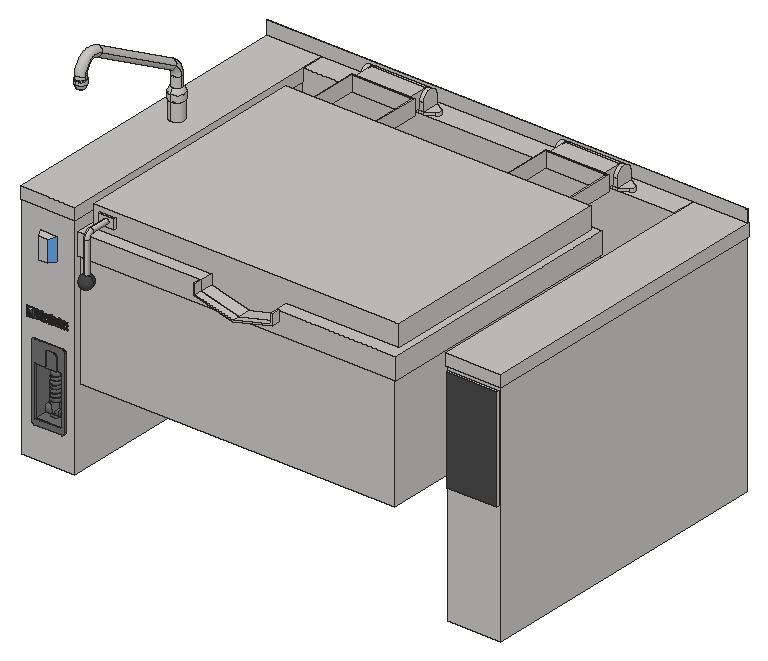
Revit family "QF_ELECTROLUXPROFESSIONAL_586954_PFET08ELES", category Specialty Equipment, Revit 2018 (continued)
Automatic sketch dimensions
  Extrusion 34 sketch curve to Extrusion 34 sketch curve = 0.298 mm
  Extrusion 34 sketch curve to Extrusion 34 sketch curve = 0.247 mm
  Extrusion 34 sketch curve to Extrusion 34 sketch curve = 0.084 mm
  Extrusion 34 sketch curve to Extrusion 34 sketch curve = 6.484 mm
  Extrusion 34 sketch curve to Extrusion 34 sketch curve = 2.596 mm
  Extrusion 34 sketch curve to Extrusion 34 sketch curve = 0.059 mm  (x2)
  Extrusion 34 sketch curve to Extrusion 34 sketch curve = 3.889 mm
  Extrusion 34 sketch curve to Extrusion 34 sketch curve = 6.029 mm
  Extrusion 34 sketch curve to Extrusion 34 sketch curve = 0.929 mm
  Extrusion 34 sketch curve to Extrusion 34 sketch curve = 1.102 mm
  Extrusion 34 sketch curve to Extrusion 34 sketch curve = 0.756 mm  (x2)
  Extrusion 34 sketch curve to Extrusion 34 sketch curve = 0.852 mm
  Extrusion 34 sketch curve to Extrusion 34 sketch curve = 0.108 mm
  Extrusion 34 sketch curve to Extrusion 34 sketch curve = 0.101 mm
  Extrusion 34 sketch curve to Extrusion 34 sketch curve = 0.072 mm
  Extrusion 34 sketch curve to Extrusion 34 sketch curve = 1.67 mm
  Extrusion 34 sketch curve to Extrusion 34 sketch curve = 1.834 mm
  Extrusion 34 sketch curve to Extrusion 34 sketch curve = 0.366 mm
  Extrusion 34 sketch curve to Extrusion 34 sketch curve = 0.993 mm
  Extrusion 34 sketch curve to Extrusion 34 sketch curve = 0.81 mm
  Extrusion 34 sketch curve to Extrusion 34 sketch curve = 1.026 mm  (x2)
  Extrusion 34 sketch curve to Extrusion 34 sketch curve = 4.272 mm
  Extrusion 34 sketch curve to Extrusion 34 sketch curve = 0.163 mm
  Extrusion 34 sketch curve to Extrusion 34 sketch curve = 0.551 mm
  Extrusion 34 sketch curve to Extrusion 34 sketch curve = 6.11 mm
  Extrusion 34 sketch curve to Extrusion 34 sketch curve = 1.451 mm
  Extrusion 34 sketch curve to Extrusion 34 sketch curve = 5.217 mm
  Extrusion 34 sketch curve to Extrusion 34 sketch curve = 0.045 mm  (x2)
  Extrusion 34 sketch curve to Extrusion 34 sketch curve = 0.241 mm
  Extrusion 34 sketch curve to Extrusion 34 sketch curve = 0.039 mm
  Extrusion 34 sketch curve to Extrusion 34 sketch curve = 1.134 mm
  Extrusion 34 sketch curve to Extrusion 34 sketch curve = 2.351 mm
  Extrusion 34 sketch curve to Extrusion 34 sketch curve = 3.993 mm
  Extrusion 34 sketch curve to Extrusion 34 sketch curve = 10.128 mm
  Extrusion 34 sketch curve to Extrusion 34 sketch curve = 0.956 mm
  Extrusion 34 sketch curve to Extrusion 34 sketch curve = 1.263 mm
  Extrusion 34 sketch curve to Extrusion 34 sketch curve = 2.577 mm
  Extrusion 34 sketch curve to Extrusion 34 sketch curve = 0.243 mm
  Extrusion 34 sketch curve to Extrusion 34 sketch curve = 0.031 mm
  Extrusion 34 sketch curve to Extrusion 34 sketch curve = 7.148 mm
  Extrusion 34 sketch curve to Extrusion 34 sketch curve = 1.502 mm
  Extrusion 34 sketch curve to Extrusion 34 sketch curve = 11.54 mm
  Extrusion 34 sketch curve to Extrusion 34 sketch curve = 11.758 mm
  Extrusion 34 sketch curve to Extrusion 34 sketch curve = 4.097 mm
  Extrusion 34 sketch curve to Extrusion 34 sketch curve = 0.011 mm
  Extrusion 34 sketch curve to Extrusion 34 sketch curve = 4.488 mm
  Extrusion 34 sketch curve to plane 6 "TOP" = 305.278 mm
  Extrusion 34 sketch curve to Extrusion 34 sketch curve = 1.276 mm
  Extrusion 34 sketch curve to Extrusion 34 sketch curve = 1.279 mm
  Extrusion 34 sketch curve to Extrusion 34 sketch curve = 0.08 mm
  Extrusion 34 sketch curve to Extrusion 34 sketch curve = 1.542 mm  (x3)
  Extrusion 34 sketch curve to Extrusion 34 sketch curve = 1.975 mm
  Extrusion 34 sketch curve to Extrusion 34 sketch curve = 2.212 mm
  Extrusion 34 sketch curve to Extrusion 34 sketch curve = 3.655 mm
  Extrusion 34 sketch curve to Extrusion 34 sketch curve = 3.779 mm
  Extrusion 34 sketch curve to Extrusion 34 sketch curve = 0.124 mm  (x2)
  Extrusion 34 sketch curve to Extrusion 34 sketch curve = 3.78 mm  (x2)
  Extrusion 34 sketch curve to Extrusion 34 sketch curve = 1.401 mm
  Extrusion 34 sketch curve to Extrusion 34 sketch curve = 1.424 mm
  Extrusion 34 sketch curve to Extrusion 34 sketch curve = 3.23 mm
  Extrusion 34 sketch curve to Extrusion 34 sketch curve = 2.137 mm
  Extrusion 34 sketch curve to Extrusion 34 sketch curve = 1.094 mm
  Extrusion 34 sketch curve to Extrusion 34 sketch curve = 2.932 mm
  Extrusion 34 sketch curve to Extrusion 34 sketch curve = 7.641 mm
  Extrusion 34 sketch curve to Extrusion 34 sketch curve = 2.218 mm
  Extrusion 34 sketch curve to Extrusion 34 sketch curve = 0.113 mm
  Extrusion 34 sketch curve to Extrusion 34 sketch curve = 0.36 mm
  Extrusion 34 sketch curve to Extrusion 34 sketch curve = 0.008 mm
  Extrusion 34 sketch curve to Extrusion 34 sketch curve = 1.652 mm
  Extrusion 34 sketch curve to Extrusion 34 sketch curve = 0.256 mm
  Extrusion 34 sketch curve to Extrusion 34 sketch curve = 1.705 mm
  Extrusion 34 sketch curve to Extrusion 34 sketch curve = 1.454 mm
  Extrusion 34 sketch curve to Extrusion 34 sketch curve = 0.095 mm
  Extrusion 34 sketch curve to Extrusion 34 sketch curve = 0.109 mm
  Extrusion 34 sketch curve to Extrusion 34 sketch curve = 1.893 mm
  Extrusion 34 sketch curve to Extrusion 34 sketch curve = 0.003 mm
  Extrusion 34 sketch curve to Extrusion 34 sketch curve = 2.803 mm
  Extrusion 34 sketch curve to Extrusion 34 sketch curve = 0.12 mm  (x3)
  Extrusion 34 sketch curve to Extrusion 34 sketch curve = 0.02 mm
  Extrusion 34 sketch curve to Extrusion 34 sketch curve = 0.188 mm
  Extrusion 34 sketch curve to Extrusion 34 sketch curve = 0.568 mm
  Extrusion 34 sketch curve to Extrusion 34 sketch curve = 0.707 mm
  Extrusion 34 sketch curve to Extrusion 34 sketch curve = 1.654 mm
  Extrusion 34 sketch curve to Extrusion 34 sketch curve = 3.379 mm
  Extrusion 34 sketch curve to Extrusion 34 sketch curve = 0.174 mm
  Extrusion 34 sketch curve to Extrusion 34 sketch curve = 0.146 mm  (x2)
  Extrusion 34 sketch curve to Extrusion 34 sketch curve = 5.763 mm
  Extrusion 34 sketch curve to Extrusion 34 sketch curve = 1.953 mm
  Extrusion 34 sketch curve to Extrusion 34 sketch curve = 0.099 mm
  Extrusion 34 sketch curve to Extrusion 34 sketch curve = 0.19 mm
  Extrusion 34 sketch curve to Extrusion 34 sketch curve = 0.196 mm
  Extrusion 34 sketch curve to Extrusion 34 sketch curve = 0.05 mm
  Extrusion 34 sketch curve to Extrusion 34 sketch curve = 0.239 mm
  Extrusion 34 sketch curve to Extrusion 34 sketch curve = 1.763 mm
  Extrusion 34 sketch curve to Extrusion 34 sketch curve = 1.754 mm
  Extrusion 34 sketch curve to Extrusion 34 sketch curve = 1.442 mm
  Extrusion 34 sketch curve to Extrusion 34 sketch curve = 0.282 mm
  Extrusion 34 sketch curve to Extrusion 34 sketch curve = 1.607 mm
  Extrusion 34 sketch curve to Extrusion 34 sketch curve = 2.197 mm
  Extrusion 34 sketch curve to Extrusion 34 sketch curve = 3.917 mm
  Extrusion 34 sketch curve to Extrusion 34 sketch curve = 3.479 mm
  Extrusion 34 sketch curve to Extrusion 34 sketch curve = 4.017 mm
  Extrusion 34 sketch curve to Extrusion 34 sketch curve = 0.006 mm
  Extrusion 34 sketch curve to Extrusion 34 sketch curve = 5.661 mm  (x3)
  Extrusion 34 sketch curve to Extrusion 34 sketch curve = 5.657 mm  (x2)
  Extrusion 34 sketch curve to Extrusion 34 sketch curve = 7.186 mm
  Extrusion 34 sketch curve to Extrusion 34 sketch curve = 0.598 mm
  Extrusion 34 sketch curve to Extrusion 34 sketch curve = 6.253 mm
  Extrusion 34 sketch curve to Extrusion 34 sketch curve = 0.891 mm
  Extrusion 34 sketch curve to Extrusion 34 sketch curve = 0.954 mm  (x2)
  Extrusion 34 sketch curve to Extrusion 34 sketch curve = 1.017 mm
  Extrusion 34 sketch curve to Extrusion 34 sketch curve = 0.624 mm  (x2)
  Extrusion 34 sketch curve to Extrusion 34 sketch curve = 0.016 mm  (x2)
  Extrusion 34 sketch curve to Extrusion 34 sketch curve = 0.709 mm  (x2)
  Extrusion 34 sketch curve to Extrusion 34 sketch curve = 0.602 mm
  Extrusion 34 sketch curve to Extrusion 34 sketch curve = 0.607 mm
  Extrusion 34 sketch curve to Extrusion 34 sketch curve = 0.372 mm  (x2)
  Extrusion 34 sketch curve to Extrusion 34 sketch curve = 1.696 mm
  Extrusion 34 sketch curve to Extrusion 34 sketch curve = 1.752 mm
  Extrusion 34 sketch curve to Extrusion 34 sketch curve = 0.182 mm  (x2)
  Extrusion 34 sketch curve to Extrusion 34 sketch curve = 0.93 mm
  Extrusion 34 sketch curve to Extrusion 34 sketch curve = 0.155 mm  (x2)
  Extrusion 34 sketch curve to Extrusion 34 sketch curve = 0.996 mm
  Extrusion 34 sketch curve to Extrusion 34 sketch curve = 0.297 mm  (x2)
  Extrusion 34 sketch curve to Extrusion 34 sketch curve = 2.359 mm
  Extrusion 34 sketch curve to Extrusion 34 sketch curve = 0.839 mm
  Extrusion 34 sketch curve to Extrusion 34 sketch curve = 0.892 mm  (x2)
  Extrusion 34 sketch curve to Extrusion 34 sketch curve = 0.563 mm
  Extrusion 34 sketch curve to Extrusion 34 sketch curve = 1.037 mm
  Extrusion 34 sketch curve to Extrusion 34 sketch curve = 0.531 mm  (x2)
  Extrusion 34 sketch curve to Extrusion 34 sketch curve = 0.068 mm  (x2)
  Extrusion 34 sketch curve to Extrusion 34 sketch curve = 0.203 mm
  Extrusion 34 sketch curve to Extrusion 34 sketch curve = 0.107 mm  (x2)
  Extrusion 34 sketch curve to Extrusion 34 sketch curve = 1.305 mm
  Extrusion 34 sketch curve to Extrusion 34 sketch curve = 1.058 mm
  Extrusion 34 sketch curve to Extrusion 34 sketch curve = 0.365 mm
  Extrusion 34 sketch curve to Extrusion 34 sketch curve = 0.15 mm  (x2)
  Extrusion 34 sketch curve to Extrusion 34 sketch curve = 0.475 mm
  Extrusion 34 sketch curve to Extrusion 34 sketch curve = 0.292 mm
  Extrusion 34 sketch curve to Extrusion 34 sketch curve = 0.434 mm  (x2)
  Extrusion 34 sketch curve to Extrusion 34 sketch curve = 0.385 mm  (x2)
  Extrusion 34 sketch curve to Extrusion 34 sketch curve = 2.117 mm
  Extrusion 34 sketch curve to Extrusion 34 sketch curve = 0.295 mm  (x2)
  Extrusion 34 sketch curve to Extrusion 34 sketch curve = 0.968 mm
  Extrusion 34 sketch curve to Extrusion 34 sketch curve = 3.826 mm
  Extrusion 34 sketch curve to Extrusion 34 sketch curve = 1.018 mm  (x2)
  Extrusion 34 sketch curve to Extrusion 34 sketch curve = 4.718 mm
  Extrusion 34 sketch curve to Extrusion 34 sketch curve = 2.967 mm
  Extrusion 34 sketch curve to Extrusion 34 sketch curve = 1.662 mm
  Extrusion 34 sketch curve to Extrusion 34 sketch curve = 1.626 mm  (x3)
  Extrusion 34 sketch curve to Extrusion 34 sketch curve = 1.65 mm
  Extrusion 34 sketch curve to Extrusion 34 sketch curve = 1.192 mm
  Extrusion 34 sketch curve to Extrusion 34 sketch curve = 2.57 mm  (x2)
  Extrusion 34 sketch curve to Extrusion 34 sketch curve = 3.444 mm  (x2)
  Extrusion 34 sketch curve to Extrusion 34 sketch curve = 1.343 mm  (x2)
  Extrusion 34 sketch curve to Extrusion 34 sketch curve = 1.353 mm  (x2)
  Extrusion 34 sketch curve to Extrusion 34 sketch curve = 0.027 mm  (x2)
  Extrusion 34 sketch curve to Extrusion 34 sketch curve = 0.395 mm  (x2)
  Extrusion 34 sketch curve to Extrusion 34 sketch curve = 0.329 mm  (x2)
  Extrusion 34 sketch curve to Extrusion 34 sketch curve = 0.425 mm  (x2)
  Extrusion 34 sketch curve to Extrusion 34 sketch curve = 0.051 mm  (x2)
  Extrusion 34 sketch curve to Extrusion 34 sketch curve = 0.495 mm  (x2)
  Extrusion 34 sketch curve to Extrusion 34 sketch curve = 0.267 mm  (x2)
  Extrusion 34 sketch curve to Extrusion 34 sketch curve = 1.40 mm
  Extrusion 34 sketch curve to Extrusion 34 sketch curve = 5.233 mm
  Extrusion 34 sketch curve to Extrusion 34 sketch curve = 2.062 mm
  plane 3 "LEFT" to Extrusion 35 sketch curve = 40.30 mm
  Extrusion 35 sketch curve to Extrusion 35 sketch curve = 82.00 mm
  plane 7 to Extrusion 35 sketch curve = 105.944 mm
  Extrusion 35 sketch curve to Extrusion 35 sketch curve = 195.00 mm
  Extrusion 36 sketch curve to plane 6 "TOP" = 0.00 mm
  Extrusion 36 sketch curve to plane 1 "BACK" = 0.00 mm
  Extrusion 36 sketch curve to Extrusion 36 sketch curve = 2.00 mm
  plane 6 "TOP" to Extrusion 36 sketch curve = 37.998 mm
  curve 94 to plane 4 "RIGHT" = 0.00 mm
  curve 94 to curve 52 = 2.00 mm
  radius of Extrusion 30 sketch curve = 9.525 mm
  radius of Extrusion 31 sketch curve = 9.525 mm
  radius of Extrusion 7 sketch curve = 6.35 mm  (x2)
  radius of Extrusion 8 sketch curve = 6.35 mm
  radius of Sweep 28 sketch curve = 6.362 mm
  radius of Extrusion 34 sketch curve = 2.453 mm
  radius of Extrusion 34 sketch curve = 1.557 mm
  radius of Extrusion 34 sketch curve = 1.468 mm
  radius of Extrusion 34 sketch curve = 2.451 mm
  radius of Extrusion 11 sketch curve = 12.50 mm
Nested families
  nested 1: "QF_ELECTROLUXPROFESSIONAL_RubSprint" at (80, -430, 900), type "QF_ELECTROLUXPROFESSIONAL_RubSprint"
  nested 2: "QF_ELECTROLUXPROFESSIONAL_SprayGun" at (77.3, -837, 291.944), type "QF_ELECTROLUXPROFESSIONAL_SprayGun"
Connectors
  electrical at (1321.204, 5, 450), driven by "Volts"
    settings: on Extrusion 8, index 1, voltage 400 V, apparent load 20600 VA, apparent load phase1 0 VA, apparent load phase2 0 VA, apparent load phase3 0 VA, power factor 1, load classification "Other", number of poles 1, system type 30, power factor state 1, is connector primary yes, connector utility no, sub classification motor no, connector description "Electrical Connection"
  piping at (106.204, 5, 395), diameter 12.7
    settings: on Extrusion 7, index 2, connector inside diameter 1/2", connector length 0.00 mm, flow factor 0, pipe flow 0 GPM, pressure drop 0.00 psi, fitting loss kfactor 0, connector angle 0.00°, fixture units 0, engagement length 0.00 mm, angle of deflection 0.00°, flow configuration 1, flow direction 1, fitting loss method 0, system type 20, joint type 0, gender type 0, connector reference index -1, connector utility 0, adjustable connector no, is connector primary yes, connector description "Cold Water Inlet"
  piping at (46.204, 5, 395), diameter 12.7
    settings: on Extrusion 7, index 3, connector inside diameter 1/2", connector length 0.00 mm, flow factor 0, pipe flow 0 GPM, pressure drop 0.00 psi, fitting loss kfactor 0, connector angle 0.00°, fixture units 0, engagement length 0.00 mm, angle of deflection 0.00°, flow configuration 1, flow direction 1, fitting loss method 0, system type 19, joint type 0, gender type 0, connector reference index -1, connector utility 0, adjustable connector no, is connector primary no, connector description "Hot Water Inlet"
  piping at (50, -315, 798), diameter 19
    settings: on Extrusion 30, index 4, connector inside diameter 0.74803", connector length 0.00 mm, flow factor 0, pipe flow 0 GPM, pressure drop 0.00 psi, fitting loss kfactor 0, connector angle 0.00°, fixture units 0, engagement length 0.00 mm, angle of deflection 0.00°, flow configuration 1, flow direction 1, fitting loss method 0, system type 19, joint type 0, gender type 0, connector reference index -1, connector utility 0, adjustable connector no, is connector primary no, connector description ""
  piping at (110, -315, 798), diameter 19
    settings: on Extrusion 31, index 5, connector inside diameter 0.74803", connector length 0.00 mm, flow factor 0, pipe flow 0 GPM, pressure drop 0.00 psi, fitting loss kfactor 0, connector angle 0.00°, fixture units 0, engagement length 0.00 mm, angle of deflection 0.00°, flow configuration 1, flow direction 1, fitting loss method 0, system type 20, joint type 0, gender type 0, connector reference index -1, connector utility 0, adjustable connector no, is connector primary no, connector description ""
Definition of nested family "QF_ELECTROLUXPROFESSIONAL_RubSprint"
  Reference planes
    plane 1 "Center (Front/Back)": y = 0
    plane 2: z = 0
    plane 3 "Center (Left/Right)": x = 0
  Forms (mm)
    Revolve 1, solid
      sketch origin (0, 0, 0) x (0, 1, 0) y (0, 0, 1)
        loop
          line (-21, 0) -> (0, 0) -> (0, 82.75) -> (-14.385, 82.75)
          arc (-14.385, 82.75) -> (-19.409, 76.68) -> (-22.385, 69.383) r 26
          line (-22.385, 69.383) -> (-22.385, 51.306) -> (-21, 50.388) -> (-21, 0)
        axis (0, 82.75) -> (0, 0)
      angle from 0 to 360
    Sweep 2, solid
      path origin (0, 0, 0) x (0, 1, 0) y (0, 0, 1)
        loop
          line (0, 82.75) -> (0, 113.75)
          arc (0, 113.75) -> (-5.44, 133.889) -> (-20.279, 148.551) r 40
          line (-20.279, 148.551) -> (-290.279, 301.55)
          arc (-290.279, 301.55) -> (-330.139, 301.31) -> (-349.999, 266.749) r 40
          line (-349.999, 266.749) -> (-349.999, 257.884)
      profile origin (0, 0, 98.25) x (0, -1, 0) y (1, 0, 0)
        loop
          circle (0, 0) r 13.5
    Revolve 3, solid
      sketch origin (0, 0, 0) x (0, 1, 0) y (0, 0, 1)
        loop
          line (-333.717, 244.264) -> (-333.717, 254.236)
          arc (-333.717, 254.236) -> (-334.434, 255.758) -> (-335.779, 256.77) r 3.5
          line (-335.779, 256.77) -> (-336.499, 257.884) -> (-349.999, 257.884) -> (-349.999, 233.05) -> (-339.2, 233.05)
          arc (-339.2, 233.05) -> (-338.052, 233.411) -> (-337.32, 234.365) r 2
          line (-337.32, 234.365) -> (-333.717, 244.264)
        axis (-349.999, 257.884) -> (-349.999, 233.05)
      angle from 0 to 360
  Lines and regions (mm)
    symbolic lines
      curve 1: arc (-13.5, -17.856, 0) -> (0, 22.385, 0) -> (13.5, -17.856, 0) r 22.385
      curve 2: arc (-13.5, 0, 0) -> (0, 13.5, 0) -> (13.5, 0, 0) r 13.5
      curve 3: arc (-13.5, -349.999, 0) -> (0, -363.499, 0) -> (13.5, -349.999, 0) r 13.5
      curve 4: arc (-13.5, -340.897, 0) -> (0, -366.281, 0) -> (13.5, -340.897, 0) r 16.282
      curve 5: line (13.5, -349.999, 0) -> (13.5, 0, 0)
      curve 6: line (-13.5, -349.999, 0) -> (-13.5, 0, 0)
  Dimensions and locks
    aligned and locked: level to plane 2
Definition of nested family "QF_ELECTROLUXPROFESSIONAL_SprayGun"
  Reference planes
    plane 1 "Center (Front/Back)": y = 0
    plane 2: z = 0
    plane 3 "SGy": x = 13
    plane 4 "AxeZ": y = -45
    plane 5 "Center (Left/Right)": x = 4
    plane 6 "Center (Top/Right)": z = 112.5
  Forms (mm)
    Revolve 1, solid
      sketch origin (0, -45, 0) x (0, 0, 1) y (-1, 0, 0)
        loop
          line (73.98, -1.423) -> (33.98, -1.423) -> (33.98, -13) -> (151.7, -13) -> (151.7, -4.362)
          arc (151.7, -4.362) -> (147.093, -1.396) -> (141.64, -1.926) r 8.345
          arc (141.64, -1.926) -> (140.226, -2.024) -> (139.103, -1.16) r 2
          arc (139.103, -1.16) -> (138.832, -0.814) -> (138.493, -0.536) r 2
          arc (138.493, -0.536) -> (134.77, 0.557) -> (131.061, -0.581) r 6.745
          arc (131.061, -0.581) -> (129.812, -0.914) -> (128.62, -0.414) r 2
          arc (128.62, -0.414) -> (124.347, 1.338) -> (119.917, 0.035) r 6.972
          arc (119.917, 0.035) -> (118.79, -0.341) -> (117.648, -0.011) r 2
          arc (117.648, -0.011) -> (113.81, 1.188) -> (109.921, 0.166) r 7.275
          arc (109.921, 0.166) -> (108.725, -0.109) -> (107.594, 0.367) r 2
          arc (107.594, 0.367) -> (103.55, 1.928) -> (99.427, 0.587) r 6.475
          arc (99.427, 0.587) -> (98.262, 0.173) -> (97.076, 0.524) r 2
          arc (97.076, 0.524) -> (92.711, 1.941) -> (88.277, 0.758) r 8.094
          arc (88.277, 0.758) -> (87.212, 0.464) -> (86.153, 0.781) r 2
          arc (86.153, 0.781) -> (79.633, 2.075) -> (73.98, -1.423) r 9.075
        axis (151.7, -13) -> (33.98, -13)
      angle from 0 to 360
    Revolve 2, solid
      sketch origin (0, -45, 0) x (0, 0, 1) y (-1, 0, 0)
        loop
          line (47.58, 11.558) -> (40.98, 11.558) -> (40.98, 9.577) -> (35.98, 9.577) -> (35.98, -30.423) -> (40.98, -30.423) -> (40.98, -35.423) -> (47.58, -35.423) -> (47.58, 11.558)
        axis (47.58, 11.558) -> (47.58, -35.423)
      angle from 0 to 360
    Extrusion 3, solid
      sketch origin (0, -45, 0) x (1, 0, 0) y (0, 1, 0)
        loop
          line (21.638, 0) -> (17.319, 7.481) -> (8.681, 7.481) -> (4.362, 0) -> (8.681, -7.481) -> (17.319, -7.481) -> (21.638, 0)
      from 151.7 to 160.974
    Extrusion 4, solid
      sketch origin (0, 0, 0) x (1, 0, 0) y (0, 0, 1)
        loop
          arc (-45, 10) -> (-42.071, 2.929) -> (-35, 0) r 10
          line (-35, 0) -> (43, 0)
          arc (43, 0) -> (50.071, 2.929) -> (53, 10) r 10
          line (53, 10) -> (53, 215)
          arc (53, 215) -> (50.071, 222.071) -> (43, 225) r 10
          line (43, 225) -> (-35, 225)
          arc (-35, 225) -> (-42.071, 222.071) -> (-45, 215) r 10
          line (-45, 215) -> (-45, 10)
        loop
          line (-35, 162) -> (-35, 16) -> (43, 16) -> (43, 162) -> (29, 162) -> (29, 199)
          arc (29, 199) -> (26.657, 204.657) -> (21, 207) r 8
          line (21, 207) -> (5, 207)
          arc (5, 207) -> (-0.657, 204.657) -> (-3, 199) r 8
          line (-3, 199) -> (-3, 162) -> (-35, 162)
      from 63 to 60
    Extrusion 5, solid
      sketch origin (0, 0, 0) x (1, 0, 0) y (0, 0, 1)
        loop
          line (-35, 16) -> (43, 16) -> (43, 162) -> (29, 162) -> (29, 199)
          arc (29, 199) -> (26.657, 204.657) -> (21, 207) r 8
          line (21, 207) -> (5, 207)
          arc (5, 207) -> (-0.657, 204.657) -> (-3, 199) r 8
          line (-3, 199) -> (-3, 162) -> (-35, 162) -> (-35, 16)
        loop
          line (31, 164) -> (31, 199)
          arc (31, 199) -> (28.071, 206.071) -> (21, 209) r 10
          line (21, 209) -> (5, 209)
          arc (5, 209) -> (-2.071, 206.071) -> (-5, 199) r 10
          line (-5, 199) -> (-5, 164) -> (-37, 164) -> (-37, 14) -> (45, 14) -> (45, 164) -> (31, 164)
      from 0 to 60
    Extrusion 6, solid
      sketch origin (0, 0, 0) x (1, 0, 0) y (0, 0, 1)
        loop
          line (-37, 164) -> (-37, 14) -> (45, 14) -> (45, 164) -> (-37, 164)
      from 6 to 0
    Extrusion 7, solid
      sketch origin (0, 0, 0) x (1, 0, 0) y (0, 0, 1)
        loop
          line (28, 160.974) -> (28, 198)
          arc (28, 198) -> (25.657, 203.657) -> (20, 206) r 8
          line (20, 206) -> (6, 206)
          arc (6, 206) -> (0.343, 203.657) -> (-2, 198) r 8
          line (-2, 198) -> (-2, 160.974) -> (28, 160.974)
      from 0 to 63
  Dimensions and locks
    equal spacing: Extrusion 4, plane 5 "Center (Left/Right)", Extrusion 4
    Extrusion 4 to Extrusion 4 = 225.00 mm
    Extrusion 4 to Extrusion 4 = 98.00 mm
    aligned and locked: level to plane 2
  Automatic sketch dimensions
    plane 3 "SGy" to Revolve 1 sketch curve = 0.00 mm  (x2)
    plane 5 "Center (Left/Right)" to Revolve 1 sketch curve = 2.577 mm
    level to Revolve 1 sketch curve = 33.98 mm
    Revolve 1 sketch curve to Revolve 1 sketch curve = 40.00 mm
    Revolve 1 sketch curve to plane 5 "Center (Left/Right)" = 2.854 mm
    Revolve 1 sketch curve to Revolve 1 sketch curve = 7.27 mm
    Revolve 1 sketch curve to Revolve 1 sketch curve = 5.984 mm
    Revolve 1 sketch curve to plane 5 "Center (Left/Right)" = 2.15 mm
    Revolve 1 sketch curve to Revolve 1 sketch curve = 5.262 mm
    Revolve 1 sketch curve to Revolve 1 sketch curve = 5.712 mm
    Revolve 1 sketch curve to plane 5 "Center (Left/Right)" = 0.545 mm
    Revolve 1 sketch curve to Revolve 1 sketch curve = 5.167 mm
    Revolve 1 sketch curve to Revolve 1 sketch curve = 5.522 mm
    Revolve 1 sketch curve to plane 5 "Center (Left/Right)" = 2.085 mm
    Revolve 1 sketch curve to Revolve 1 sketch curve = 4.746 mm
    Revolve 1 sketch curve to Revolve 1 sketch curve = 5.106 mm
    Revolve 1 sketch curve to plane 5 "Center (Left/Right)" = 1.624 mm
    Revolve 1 sketch curve to Revolve 1 sketch curve = 5.239 mm
    Revolve 1 sketch curve to Revolve 1 sketch curve = 5.96 mm
    Revolve 1 sketch curve to plane 5 "Center (Left/Right)" = 2.187 mm
    Revolve 1 sketch curve to Revolve 1 sketch curve = 4.862 mm
    plane 5 "Center (Left/Right)" to Revolve 1 sketch curve = 1.788 mm
    Revolve 1 sketch curve to Revolve 1 sketch curve = 2.59 mm
    Revolve 1 sketch curve to Revolve 1 sketch curve = 3.403 mm
    plane 3 "SGy" to Revolve 1 sketch curve = 3.493 mm
    Revolve 1 sketch curve to Revolve 1 sketch curve = 4.325 mm
    Revolve 1 sketch curve to Revolve 1 sketch curve = 6.57 mm
    Revolve 1 sketch curve to plane 5 "Center (Left/Right)" = 0.362 mm
    plane 5 "Center (Left/Right)" to Revolve 1 sketch curve = 3.891 mm
    plane 5 "Center (Left/Right)" to Revolve 1 sketch curve = 5.081 mm
    plane 5 "Center (Left/Right)" to Revolve 1 sketch curve = 5.658 mm
    plane 5 "Center (Left/Right)" to Revolve 1 sketch curve = 5.884 mm
    plane 5 "Center (Left/Right)" to Revolve 1 sketch curve = 6.173 mm
    plane 5 "Center (Left/Right)" to Revolve 1 sketch curve = 6.464 mm
    Revolve 1 sketch curve to Revolve 1 sketch curve = 7.72 mm
    Revolve 1 sketch curve to Revolve 1 sketch curve = 0.00 mm  (x12)
    Revolve 1 sketch curve to Revolve 1 sketch curve = 1.57 mm
    Revolve 2 sketch curve to plane 3 "SGy" = 17.423 mm
    level to Revolve 2 sketch curve = 35.98 mm
    Revolve 2 sketch curve to Revolve 2 sketch curve = 5.00 mm  (x3)
    Revolve 2 sketch curve to Revolve 2 sketch curve = 6.60 mm
    plane 5 "Center (Left/Right)" to Revolve 2 sketch curve = 13.577 mm
    Revolve 2 sketch curve to Revolve 2 sketch curve = 1.981 mm
    Revolve 2 sketch curve to Revolve 2 sketch curve = 0.00 mm  (x2)
    Revolve 2 sketch curve to Revolve 2 sketch curve = 4.326 mm
    plane 4 "AxeZ" to Extrusion 3 sketch curve = 0.00 mm  (x2)
    Extrusion 3 sketch curve to plane 5 "Center (Left/Right)" = 0.362 mm
    plane 3 "SGy" to Extrusion 3 sketch curve = 4.319 mm  (x2)
    Extrusion 3 sketch curve to plane 3 "SGy" = 4.319 mm  (x2)
    Extrusion 3 sketch curve to Extrusion 3 sketch curve = 4.319 mm
    plane 4 "AxeZ" to Extrusion 3 sketch curve = 7.481 mm
    Extrusion 3 sketch curve to plane 4 "AxeZ" = 7.481 mm
    Extrusion 4 sketch curve to level = 0.00 mm
    level to Extrusion 4 sketch curve = 10.00 mm
    plane 5 "Center (Left/Right)" to Extrusion 4 sketch curve = 49.00 mm
    Extrusion 4 sketch curve to Extrusion 4 sketch curve = 10.00 mm  (x2)
    Extrusion 4 sketch curve to Extrusion 4 sketch curve = 0.00 mm  (x3)
    plane 5 "Center (Left/Right)" to Extrusion 4 sketch curve = 7.00 mm
    Extrusion 4 sketch curve to plane 5 "Center (Left/Right)" = 1.00 mm
    Extrusion 4 sketch curve to plane 3 "SGy" = 8.00 mm
    Extrusion 4 sketch curve to plane 3 "SGy" = 16.00 mm
    Extrusion 4 sketch curve to Extrusion 4 sketch curve = 14.00 mm  (x2)
    Extrusion 4 sketch curve to Extrusion 4 sketch curve = 6.00 mm
    Extrusion 4 sketch curve to Extrusion 4 sketch curve = 146.00 mm
    Extrusion 4 sketch curve to Extrusion 4 sketch curve = 37.00 mm
    Extrusion 4 sketch curve to Extrusion 4 sketch curve = 16.00 mm
    Extrusion 5 sketch curve to Extrusion 5 sketch curve = 0.00 mm  (x5)
    level to Extrusion 5 sketch curve = 14.00 mm
    plane 5 "Center (Left/Right)" to Extrusion 5 sketch curve = 41.00 mm
    Extrusion 5 sketch curve to Extrusion 5 sketch curve = 2.00 mm  (x6)
    plane 5 "Center (Left/Right)" to Extrusion 5 sketch curve = 9.00 mm
    Extrusion 5 sketch curve to plane 5 "Center (Left/Right)" = 1.00 mm
    Extrusion 5 sketch curve to plane 3 "SGy" = 8.00 mm
    Extrusion 5 sketch curve to Extrusion 5 sketch curve = 8.00 mm
    Extrusion 5 sketch curve to plane 3 "SGy" = 30.00 mm
    Extrusion 5 sketch curve to Extrusion 5 sketch curve = 146.00 mm
    Extrusion 5 sketch curve to Extrusion 5 sketch curve = 35.00 mm
    level to Extrusion 6 sketch curve = 14.00 mm
    plane 5 "Center (Left/Right)" to Extrusion 6 sketch curve = 41.00 mm
    Extrusion 6 sketch curve to plane 3 "SGy" = 32.00 mm
    Extrusion 6 sketch curve to Extrusion 6 sketch curve = 150.00 mm
    plane 5 "Center (Left/Right)" to Extrusion 7 sketch curve = 6.00 mm
    Extrusion 7 sketch curve to plane 5 "Center (Left/Right)" = 2.00 mm
    Extrusion 7 sketch curve to plane 3 "SGy" = 7.00 mm
    Extrusion 7 sketch curve to plane 3 "SGy" = 15.00 mm
    level to Extrusion 7 sketch curve = 160.974 mm
    Extrusion 7 sketch curve to Extrusion 7 sketch curve = 37.026 mm
